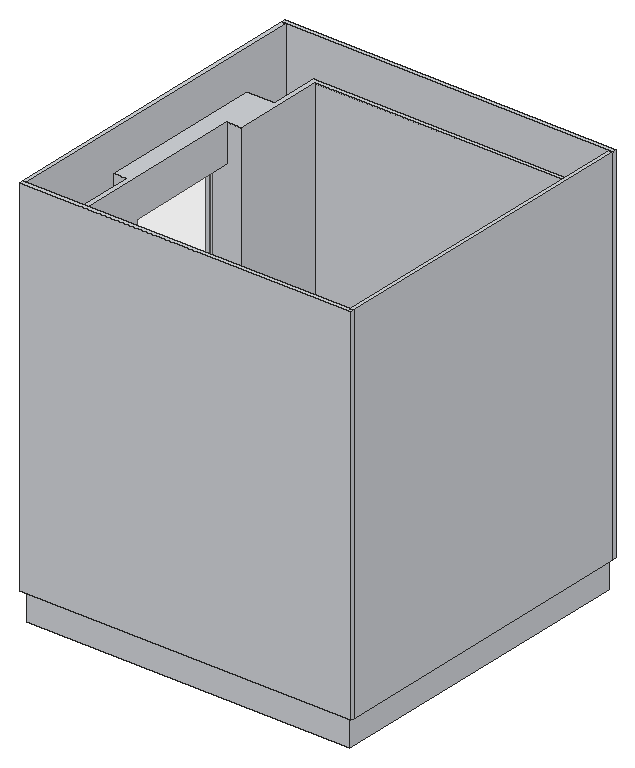
Revit family "Fira Modules 2.0", category Generic Models, Revit 2015
Parameters
  Tekn. oven  materiaali [instance] = none
  Pystyhormi [instance] = no
  Oven materiaali [instance] = Glass
  Ovenkahvan materiaali [instance] = none
  Ontelolaatan rei'itys muut kerrokset [instance] = no
  Ontelolaatan rei'itys 1.krs [instance] = no
  Näytä tekstit pohjassa [instance] = yes
  Moduulirungon väri [instance] = none
  Model = ""
  Kipsin materiaali 3D [instance] = none
  Kipsilevyn korkeus [instance] = 2600 mm
  Kipsilevy takaseinä [instance] = yes
  Kipsilevy oviseinä [instance] = yes
  Kipsilevy allasseinä [instance] = yes
  Kipsilevy PPK-seinä [instance] = yes
  Kipsilevyn pituus [instance] = if(Kipsilevy takaseinä, 26 mm, 1 mm)  # 26 mm
  Keskitetty ilmanvaihto [instance] = no
  Huoneistokohtainen ilmanvaihto [instance] = no
  Description = ""
Reference planes
  plane 1 "Center (Front/Back)": y = 0
  plane 2: z = 0
  plane 3 "Center (Left/Right)": x = 0
  plane 4: x = 2300
  plane 5: x = 2326
Forms (mm)
  Extrusion 1, solid, material <- "Moduulirungon väri"
    sketch origin (0, 0, 0) x (1, 0, 0) y (0, 1, 0)
      loop
        line (2258, 2268) -> (237, 2268) -> (237, 1616) -> (132, 1616) -> (132, 372) -> (392, 372) -> (392, 32) -> (2258, 32) -> (2258, 2268)
      loop
        line (360, 340) -> (360, 0) -> (2300, 0) -> (2300, 2300) -> (205, 2300) -> (205, 1950) -> (0, 1950) -> (0, 768) -> (100, 768) -> (100, 340) -> (360, 340)
    from 0 to 2320
  Extrusion 2, solid
    sketch origin (0, 0, 0) x (1, 0, 0) y (0, 1, 0)
      loop
        line (0, 0) -> (2300, 0) -> (2300, 2300) -> (0, 2300) -> (0, 0)
    from -200 to 0
  Extrusion 3, solid, material <- "Kipsin materiaali 3D", visible <- "Kipsilevy allasseinä"
    sketch origin (0, 0, 0) x (1, 0, 0) y (0, 1, 0)
      loop
        line (2326, 2300) -> (2326, 2326) -> (-26, 2326) -> (-26, 2300) -> (2326, 2300)
    from 0 to 2600
  Extrusion 4, void
    sketch origin (0, 0, 0) x (1, 0, 0) y (0, 1, 0)
      loop
        line (132, 1616) -> (29, 1616) -> (29, 1628) -> (0, 1628) -> (0, 798) -> (29, 798) -> (29, 810) -> (132, 810) -> (132, 1616)
    from 0 to 2051
  Extrusion 5, solid, material <- "Kipsin materiaali 3D", visible <- "Kipsilevy takaseinä"
    sketch origin (0, 0, 0) x (1, 0, 0) y (0, 1, 0)
      loop
        line (2300, 0) -> (2326, 0) -> (2326, 2300) -> (2300, 2300) -> (2300, 0)
    from 0 to 2600
  Extrusion 6, solid, material <- "Kipsin materiaali 3D", visible <- "Kipsilevy PPK-seinä"
    sketch origin (0, 0, 0) x (1, 0, 0) y (0, 1, 0)
      loop
        line (-26, 0) -> (-26, -26) -> (2326, -26) -> (2326, 0) -> (-26, 0)
    from 0 to 2600
  Extrusion 7, solid, material <- "Kipsin materiaali 3D", visible <- "Kipsilevy oviseinä"
    sketch origin (0, 0, 0) x (1, 0, 0) y (0, 1, 0)
      loop
        line (0, 2300) -> (-26, 2300) -> (-26, 0) -> (0, 0) -> (0, 2300)
    from 0 to 2600
  Extrusion 8, void
    sketch origin (0, 0, 0) x (1, 0, 0) y (0, 1, 0)
      loop
        line (0, 1628) -> (-26, 1628) -> (-26, 798) -> (0, 798) -> (0, 1628)
    from 0 to 2065
  Extrusion 9, solid
    sketch origin (0, 798, 0) x (1, 0, 0) y (0, 0, -1)
      loop
        line (131, -23) -> (131, 0) -> (0, 0) -> (0, -13) -> (31, -13) -> (31, -23) -> (131, -23)
    from 0 to 830
  Extrusion 10, solid, material "Glass" <- "Oven materiaali"
    sketch origin (-1.094, 0, 0) x (1, 0, 0) y (0, 1, 0)
      loop
        line (20, 1628) -> (20, 798) -> (29, 798) -> (29, 1628) -> (20, 1628)
    from 17 to 2051
  Extrusion 11, void
    sketch origin (0, 0, 0) x (1, 0, 0) y (0, 1, 0)
      loop
        line (0, 768) -> (-26, 768) -> (-26, 248) -> (0, 248) -> (0, 768)
    from 0 to 2065
  Extrusion 12, solid, material <- "Tekn. oven  materiaali"
    sketch origin (0, 0, 0) x (1, 0, 0) y (0, 1, 0)
      loop
        line (-26, 768) -> (-26, 248) -> (0, 248) -> (0, 768) -> (-26, 768)
    from 0 to 2065
  Extrusion 13, solid, material <- "Ovenkahvan materiaali", detail levels medium+fine
    sketch origin (0, 0, 0) x (1, 0, 0) y (0, 1, 0)
      loop
        line (18.406, 901) -> (18.406, 798) -> (28.406, 798) -> (28.406, 901) -> (18.406, 901)
    from 960 to 1030
  Extrusion 14, solid, material <- "Ovenkahvan materiaali", detail levels medium+fine
    sketch origin (18.406, 1661.792, -23.167) x (0, 1, 0) y (0, 0, -1)
      loop
        circle (-833.915, -1017.549) r 7.5
    from 0 to 35
  Extrusion 15, solid, material <- "Ovenkahvan materiaali", detail levels medium+fine
    sketch origin (-26, 0, 0) x (0, 1, 0) y (0, 0, -1)
      loop
        arc (827.877, -986.882) -> (820.377, -994.382) -> (827.877, -1001.882) r 7.5
        line (827.877, -1001.882) -> (967.877, -1001.882) -> (967.877, -986.882) -> (827.877, -986.882)
    from -9.406 to 1.719
  Extrusion 16, solid, material <- "Ovenkahvan materiaali", detail levels medium+fine
    sketch origin (-26, 0, 0) x (0, 1, 0) y (0, 0, -1)
      loop
        arc (827.877, -986.882) -> (820.377, -994.382) -> (827.877, -1001.882) r 7.5
        line (827.877, -1001.882) -> (967.877, -1001.882) -> (967.877, -986.882) -> (827.877, -986.882)
    from -105.577 to -94.406
  Extrusion 17, solid, material <- "Ovenkahvan materiaali", detail levels medium+fine
    sketch origin (0, 0, 0) x (1, 0, 0) y (0, 1, 0)
      loop
        line (18.406, 901) -> (18.406, 798) -> (28.406, 798) -> (28.406, 901) -> (18.406, 901)
    from 960 to 1030
  Extrusion 18, solid, material <- "Ovenkahvan materiaali", detail levels medium+fine
    sketch origin (18.406, 1661.792, -23.167) x (0, 1, 0) y (0, 0, -1)
      loop
        circle (-833.915, -1017.549) r 7.5
    from 0 to 35
  Extrusion 19, solid, material <- "Ovenkahvan materiaali", detail levels medium+fine
    sketch origin (-26, 0, 0) x (0, 1, 0) y (0, 0, -1)
      loop
        arc (827.877, -986.882) -> (820.377, -994.382) -> (827.877, -1001.882) r 7.5
        line (827.877, -1001.882) -> (967.877, -1001.882) -> (967.877, -986.882) -> (827.877, -986.882)
    from -9.406 to 1.719
  Extrusion 20, solid, material <- "Ovenkahvan materiaali", detail levels medium+fine
    sketch origin (-26, 0, 0) x (0, 1, 0) y (0, 0, -1)
      loop
        arc (827.877, -986.882) -> (820.377, -994.382) -> (827.877, -1001.882) r 7.5
        line (827.877, -1001.882) -> (967.877, -1001.882) -> (967.877, -986.882) -> (827.877, -986.882)
    from -105.577 to -94.406
  Extrusion 21, solid, material <- "Ovenkahvan materiaali", detail levels medium+fine
    sketch origin (18.406, 1661.792, -23.167) x (0, 1, 0) y (0, 0, -1)
      loop
        circle (-833.915, -1017.549) r 7.5
    from -50 to -10
  Extrusion 22, solid, material <- "Ovenkahvan materiaali", detail levels medium+fine
    sketch origin (18.406, 1661.792, -23.167) x (0, 1, 0) y (0, 0, -1)
      loop
        circle (-833.915, -1017.549) r 7.5
    from -50 to -10
Cuts and joins
  Extrusion 4 cuts Extrusion 1
  Extrusion 8, Extrusion 11 cuts Extrusion 7
Lines and regions (mm)
  model lines
    curve 1: line (2248, 2268, -13.243) -> (2248, 2268, 2266)
    curve 2: line (237, 2268, 2266) -> (2248, 2268, 2266)
    curve 3: line (2248, 2268, 2161) -> (1063, 2268, 2161)
    curve 4: line (1063, 2268, 2161) -> (650.5, 2268, 2161)
    curve 5: line (645.5, 2268, 2161) -> (237, 2268, 2161)
    curve 6: line (1058, 2268, 2161) -> (1058, 2268, 1181)
    curve 7: line (645.5, 2268, 1181) -> (645.5, 2268, 2161)
    curve 8: line (650.5, 2268, 2161) -> (650.5, 2268, 1181)
    curve 9: line (1058, 2268, 1181) -> (2248, 2268, 1181)
    curve 10: line (650.5, 2268, 1181) -> (1058, 2268, 1181)
    curve 11: line (1058, 2268, 1176.014) -> (237, 2268, 1176.014)
    curve 12: line (237, 2268, 1181) -> (645.5, 2268, 1181)
    curve 13: line (759.5, 2268, 1126.014) -> (536.5, 2268, 1126.014)
    curve 14: line (536.5, 2268, 1126.014) -> (536.5, 2268, 986.014)
    curve 15: line (536.5, 2268, 986.014) -> (759.5, 2268, 986.014)
    curve 16: line (759.5, 2268, 986.014) -> (759.5, 2268, 1126.014)
    curve 17: line (1058, 2268, 881) -> (1058, 2268, 1176.014)
    curve 18: line (2245, 2268, 881) -> (1058, 2268, 881)
    curve 19: line (1058, 2268, 869) -> (2245, 2268, 869)
    curve 20: line (1058, 2268, 160.247) -> (1058, 2268, 869)
    curve 21: line (1059, 2268, 869) -> (1059, 2268, 669)
    curve 22: line (1059, 2268, 669) -> (2245, 2268, 669)
    curve 23: line (1060, 2268, 664) -> (1085.647, 2268, 664)
    curve 24: line (1060, 2268, 161.527) -> (1060, 2268, 664)
    curve 25: line (1085.647, 2268, 669) -> (1085.647, 2268, 220.064)
    curve 26: line (1097.647, 2268, 219.669) -> (1097.647, 2268, 669)
    curve 27: line (1097.647, 2268, 664) -> (1651, 2268, 664)
    curve 28: line (1018.223, 2268, 600.175) -> (1018.223, 2268, 828.775)
    curve 29: line (1018.223, 2268, 828.775) -> (987.743, 2268, 828.775)
    curve 30: line (987.743, 2268, 828.775) -> (987.743, 2268, 600.175)
    curve 31: line (1652, 2268, 669) -> (1652, 2268, 869)
    curve 32: line (1651, 2268, 664) -> (1651, 2268, 17)
    curve 33: line (1653, 2268, 17) -> (1653, 2268, 664)
    curve 34: line (1653, 2268, 664) -> (2244, 2268, 664)
    curve 35: line (1651, 2268, 17) -> (1060, 2268, 17)
    curve 36: line (2244, 2268, 17) -> (1653, 2268, 17)
    curve 37: line (1060, 2268, 17) -> (1060, 2268, 149.282)
    curve 38: line (1058, 2268, 17.014) -> (1058, 2268, 148.875)
    curve 39: line (825.098, 2268, 478.074) -> (459.903, 2268, 478.074)
    curve 40: line (459.903, 2268, 478.074) -> (459.157, 2268, 456.074)
    curve 41: line (459.157, 2268, 456.074) -> (825.845, 2268, 456.074)
    curve 42: line (825.845, 2268, 456.074) -> (825.098, 2268, 478.074)
    curve 43: line (468.269, 2268, 456.074) -> (480.465, 2268, 361.299)
    curve 44: line (480.465, 2268, 361.299) -> (491.808, 2268, 318.799)
    curve 45: line (491.808, 2268, 318.799) -> (502.356, 2268, 284.799)
    curve 46: line (502.356, 2268, 284.799) -> (512.166, 2268, 259.299)
    curve 47: line (512.166, 2268, 259.299) -> (521.29, 2268, 238.049)
    curve 48: line (521.29, 2268, 238.049) -> (529.774, 2268, 221.049)
    curve 49: line (529.774, 2268, 221.049) -> (537.665, 2268, 204.049)
    curve 50: line (537.665, 2268, 204.049) -> (545.004, 2268, 191.299)
    curve 51: line (545.004, 2268, 191.299) -> (551.828, 2268, 178.549)
    curve 52: line (551.828, 2268, 178.549) -> (558.176, 2268, 165.799)
    curve 53: line (558.176, 2268, 165.799) -> (564.078, 2268, 157.299)
    curve 54: line (564.078, 2268, 157.299) -> (720.923, 2268, 157.299)
    curve 55: line (720.923, 2268, 157.299) -> (726.826, 2268, 165.799)
    curve 56: line (726.826, 2268, 165.799) -> (733.173, 2268, 178.549)
    curve 57: line (733.173, 2268, 178.549) -> (739.998, 2268, 191.299)
    curve 58: line (739.998, 2268, 191.299) -> (747.336, 2268, 204.049)
    curve 59: line (747.336, 2268, 204.049) -> (755.227, 2268, 221.049)
    curve 60: line (755.227, 2268, 221.049) -> (763.712, 2268, 238.049)
    curve 61: line (763.712, 2268, 238.049) -> (772.835, 2268, 259.299)
    curve 62: line (772.835, 2268, 259.299) -> (782.645, 2268, 284.799)
    curve 63: line (782.645, 2268, 284.799) -> (793.194, 2268, 318.799)
    curve 64: line (793.194, 2268, 318.799) -> (804.536, 2268, 361.299)
    curve 65: line (804.536, 2268, 361.299) -> (816.733, 2268, 456.074)
    curve 66: line (1529.091, 2268, 1524.106) -> (1811.934, 2268, 1806.949)
    curve 67: line (1678.546, 2268, 1534.935) -> (1819.967, 2268, 1676.356)
    curve 68: line (1085.647, 2268, 669) -> (1085.647, 2268, 220.064)
    curve 69: line (1085.647, 2268, 220.064) -> (1084.206, 2268, 203.157)
    curve 70: line (1084.206, 2268, 203.157) -> (1080.062, 2268, 187.699)
    curve 71: line (1080.062, 2268, 187.699) -> (1073.588, 2268, 174.661)
    curve 72: line (1073.588, 2268, 174.661) -> (1065.453, 2268, 165.016)
    curve 73: line (1065.453, 2268, 165.016) -> (1060, 2268, 161.527)
    curve 74: line (1060, 2268, 161.527) -> (1056.566, 2268, 159.329)
    curve 75: line (1056.566, 2268, 159.329) -> (1047.935, 2268, 157.576)
    curve 76: line (1047.935, 2268, 157.576) -> (1039.062, 2268, 159.381)
    curve 77: line (1039.062, 2268, 159.381) -> (1030.194, 2268, 165.057)
    curve 78: line (1030.194, 2268, 165.057) -> (1022.069, 2268, 174.69)
    curve 79: line (1022.069, 2268, 174.69) -> (1015.6, 2268, 187.717)
    curve 80: line (1015.6, 2268, 187.717) -> (1011.458, 2268, 203.166)
    curve 81: line (1011.458, 2268, 203.166) -> (1010.018, 2268, 220.066)
    curve 82: line (1010.018, 2268, 220.066) -> (1010.018, 2268, 600.175)
    curve 83: line (1061.786, 2268, 149.645) -> (1074.036, 2268, 157.486)
    curve 84: line (1074.036, 2268, 157.486) -> (1084.046, 2268, 169.353)
    curve 85: line (1084.046, 2268, 169.353) -> (1091.494, 2268, 184.351)
    curve 86: line (1091.494, 2268, 184.351) -> (1096.102, 2268, 201.541)
    curve 87: line (1096.102, 2268, 201.541) -> (1097.647, 2268, 219.669)
    curve 88: line (1097.647, 2268, 219.669) -> (1097.647, 2268, 669)
    curve 89: line (988.262, 2268, 600.175) -> (989.785, 2268, 600.175)
    curve 90: line (989.785, 2268, 600.175) -> (992.206, 2268, 600.175)
    curve 91: line (992.206, 2268, 600.175) -> (995.363, 2268, 600.175)
    curve 92: line (995.363, 2268, 600.175) -> (998.058, 2268, 600.175)
    curve 93: line (998.058, 2268, 600.175) -> (998.058, 2268, 219.667)
    curve 94: line (998.058, 2268, 219.667) -> (999.604, 2268, 201.532)
    curve 95: line (999.604, 2268, 201.532) -> (1004.214, 2268, 184.333)
    curve 96: line (1004.214, 2268, 184.333) -> (1011.667, 2268, 169.324)
    curve 97: line (1011.667, 2268, 169.324) -> (1021.687, 2268, 157.445)
    curve 98: line (1021.687, 2268, 157.445) -> (1033.948, 2268, 149.598)
    curve 99: line (1033.948, 2268, 149.598) -> (1047.75, 2268, 146.79)
    curve 100: line (1047.75, 2268, 146.79) -> (1061.786, 2268, 149.645)
    curve 101: line (1060, 2268, 149.282) -> (1060, 2268, 17.014)
    curve 102: line (1060, 2268, 17.014) -> (237, 2268, 17.014)
    curve 103: arc (1369.127, 2268, 973.129) -> (1360.182, 2268, 1003.209) -> (1350.873, 2268, 973.239) r 16.4
    curve 104: line (1350.873, 2268, 964.277) -> (1350.873, 2268, 973.239)
    curve 105: line (1360, 2268, 964.073) -> (1354.939, 2268, 964.175)
    curve 106: line (1354.939, 2268, 964.175) -> (1350.873, 2268, 964.277)
    curve 107: line (1369.127, 2268, 964.257) -> (1360, 2268, 964.073)
    curve 108: line (1369.127, 2268, 973.129) -> (1369.127, 2268, 964.257)
    curve 109: line (1343.519, 2268, 881) -> (1343.519, 2268, 1038.021)
    curve 110: line (1376.457, 2268, 1038.018) -> (1376.457, 2268, 881)
    curve 111: line (1354.78, 2268, 1039.578) -> (1359.095, 2268, 1039.705)
    curve 112: line (1343.519, 2268, 1038.021) -> (1346.01, 2268, 1038.632)
    curve 113: line (1346.01, 2268, 1038.632) -> (1349.094, 2268, 1039.227)
    curve 114: line (1373.526, 2268, 1038.736) -> (1376.457, 2268, 1038.018)
    curve 115: line (1370.026, 2268, 1039.279) -> (1373.526, 2268, 1038.736)
    curve 116: line (1364.37, 2268, 1039.628) -> (1370.026, 2268, 1039.279)
    curve 117: line (1359.095, 2268, 1039.705) -> (1364.37, 2268, 1039.628)
    curve 118: line (1349.094, 2268, 1039.227) -> (1354.78, 2268, 1039.578)
    curve 119: line (1010.018, 2268, 600.175) -> (1018.223, 2268, 600.175)
    curve 120: line (2245, 2268, 669) -> (2245, 2268, 869)
    curve 121: line (2245, 2268, 869) -> (2245, 2268, 881)
    curve 122: line (2244, 2268, 664) -> (2244, 2268, 17)
    curve 123: line (237, 2268, 2266) -> (2248, 2268, 2266)
    curve 124: line (2248, 2268, 2161) -> (1063, 2268, 2161)
    curve 125: line (1063, 2268, 2161) -> (650.5, 2268, 2161)
    curve 126: line (645.5, 2268, 2161) -> (237, 2268, 2161)
    curve 127: line (1058, 2268, 2161) -> (1058, 2268, 1181)
    curve 128: line (645.5, 2268, 1181) -> (645.5, 2268, 2161)
    curve 129: line (650.5, 2268, 2161) -> (650.5, 2268, 1181)
    curve 130: line (1058, 2268, 1181) -> (2248, 2268, 1181)
    curve 131: line (650.5, 2268, 1181) -> (1058, 2268, 1181)
    curve 132: line (1058, 2268, 1176.014) -> (237, 2268, 1176.014)
    curve 133: line (237, 2268, 1181) -> (645.5, 2268, 1181)
    curve 134: line (759.5, 2268, 1126.014) -> (536.5, 2268, 1126.014)
    curve 135: line (536.5, 2268, 1126.014) -> (536.5, 2268, 986.014)
    curve 136: line (536.5, 2268, 986.014) -> (759.5, 2268, 986.014)
    curve 137: line (759.5, 2268, 986.014) -> (759.5, 2268, 1126.014)
    curve 138: line (1058, 2268, 881) -> (1058, 2268, 1176.014)
    curve 139: line (2245, 2268, 881) -> (1058, 2268, 881)
    curve 140: line (1058, 2268, 869) -> (2245, 2268, 869)
    curve 141: line (1058, 2268, 160.247) -> (1058, 2268, 869)
    curve 142: line (1059, 2268, 869) -> (1059, 2268, 669)
    curve 143: line (1059, 2268, 669) -> (2245, 2268, 669)
    curve 144: line (1060, 2268, 664) -> (1085.647, 2268, 664)
    curve 145: line (1060, 2268, 161.527) -> (1060, 2268, 664)
    curve 146: line (1085.647, 2268, 669) -> (1085.647, 2268, 220.064)
    curve 147: line (1097.647, 2268, 219.669) -> (1097.647, 2268, 669)
    curve 148: line (1097.647, 2268, 664) -> (1651, 2268, 664)
    curve 149: line (1018.223, 2268, 600.175) -> (1018.223, 2268, 828.775)
    curve 150: line (1018.223, 2268, 828.775) -> (987.743, 2268, 828.775)
    curve 151: line (987.743, 2268, 828.775) -> (987.743, 2268, 600.175)
    curve 152: line (1652, 2268, 669) -> (1652, 2268, 869)
    curve 153: line (1651, 2268, 664) -> (1651, 2268, 17)
    curve 154: line (1653, 2268, 17) -> (1653, 2268, 664)
    curve 155: line (1653, 2268, 664) -> (2244, 2268, 664)
    curve 156: line (1651, 2268, 17) -> (1060, 2268, 17)
    curve 157: line (2244, 2268, 17) -> (1653, 2268, 17)
    curve 158: line (1060, 2268, 17) -> (1060, 2268, 149.282)
    curve 159: line (1058, 2268, 17.014) -> (1058, 2268, 148.875)
    curve 160: line (825.098, 2268, 478.074) -> (459.903, 2268, 478.074)
    curve 161: line (459.903, 2268, 478.074) -> (459.157, 2268, 456.074)
    curve 162: line (459.157, 2268, 456.074) -> (825.845, 2268, 456.074)
    curve 163: line (825.845, 2268, 456.074) -> (825.098, 2268, 478.074)
    curve 164: line (468.269, 2268, 456.074) -> (480.465, 2268, 361.299)
    curve 165: line (480.465, 2268, 361.299) -> (491.808, 2268, 318.799)
    curve 166: line (491.808, 2268, 318.799) -> (502.356, 2268, 284.799)
    curve 167: line (502.356, 2268, 284.799) -> (512.166, 2268, 259.299)
    curve 168: line (512.166, 2268, 259.299) -> (521.29, 2268, 238.049)
    curve 169: line (521.29, 2268, 238.049) -> (529.774, 2268, 221.049)
    curve 170: line (529.774, 2268, 221.049) -> (537.665, 2268, 204.049)
    curve 171: line (537.665, 2268, 204.049) -> (545.004, 2268, 191.299)
    curve 172: line (545.004, 2268, 191.299) -> (551.828, 2268, 178.549)
    curve 173: line (551.828, 2268, 178.549) -> (558.176, 2268, 165.799)
    curve 174: line (558.176, 2268, 165.799) -> (564.078, 2268, 157.299)
    curve 175: line (564.078, 2268, 157.299) -> (720.923, 2268, 157.299)
    curve 176: line (720.923, 2268, 157.299) -> (726.826, 2268, 165.799)
    curve 177: line (726.826, 2268, 165.799) -> (733.173, 2268, 178.549)
    curve 178: line (733.173, 2268, 178.549) -> (739.998, 2268, 191.299)
    curve 179: line (739.998, 2268, 191.299) -> (747.336, 2268, 204.049)
    curve 180: line (747.336, 2268, 204.049) -> (755.227, 2268, 221.049)
    curve 181: line (755.227, 2268, 221.049) -> (763.712, 2268, 238.049)
    curve 182: line (763.712, 2268, 238.049) -> (772.835, 2268, 259.299)
    curve 183: line (772.835, 2268, 259.299) -> (782.645, 2268, 284.799)
    curve 184: line (782.645, 2268, 284.799) -> (793.194, 2268, 318.799)
    curve 185: line (793.194, 2268, 318.799) -> (804.536, 2268, 361.299)
    curve 186: line (804.536, 2268, 361.299) -> (816.733, 2268, 456.074)
    curve 187: line (1529.091, 2268, 1524.106) -> (1811.934, 2268, 1806.949)
    curve 188: line (1678.546, 2268, 1534.935) -> (1819.967, 2268, 1676.356)
    curve 189: line (1085.647, 2268, 669) -> (1085.647, 2268, 220.064)
    curve 190: line (1085.647, 2268, 220.064) -> (1084.206, 2268, 203.157)
    curve 191: line (1084.206, 2268, 203.157) -> (1080.062, 2268, 187.699)
    curve 192: line (1080.062, 2268, 187.699) -> (1073.588, 2268, 174.661)
    curve 193: line (1073.588, 2268, 174.661) -> (1065.453, 2268, 165.016)
    curve 194: line (1065.453, 2268, 165.016) -> (1060, 2268, 161.527)
    curve 195: line (1060, 2268, 161.527) -> (1056.566, 2268, 159.329)
    curve 196: line (1056.566, 2268, 159.329) -> (1047.935, 2268, 157.576)
    curve 197: line (1047.935, 2268, 157.576) -> (1039.062, 2268, 159.381)
    curve 198: line (1039.062, 2268, 159.381) -> (1030.194, 2268, 165.057)
    curve 199: line (1030.194, 2268, 165.057) -> (1022.069, 2268, 174.69)
    curve 200: line (1022.069, 2268, 174.69) -> (1015.6, 2268, 187.717)
    curve 201: line (1015.6, 2268, 187.717) -> (1011.458, 2268, 203.166)
    curve 202: line (1011.458, 2268, 203.166) -> (1010.018, 2268, 220.066)
    curve 203: line (1010.018, 2268, 220.066) -> (1010.018, 2268, 600.175)
    curve 204: line (1061.786, 2268, 149.645) -> (1074.036, 2268, 157.486)
    curve 205: line (1074.036, 2268, 157.486) -> (1084.046, 2268, 169.353)
    curve 206: line (1084.046, 2268, 169.353) -> (1091.494, 2268, 184.351)
    curve 207: line (1091.494, 2268, 184.351) -> (1096.102, 2268, 201.541)
    curve 208: line (1096.102, 2268, 201.541) -> (1097.647, 2268, 219.669)
    curve 209: line (1097.647, 2268, 219.669) -> (1097.647, 2268, 669)
    curve 210: line (988.262, 2268, 600.175) -> (989.785, 2268, 600.175)
    curve 211: line (989.785, 2268, 600.175) -> (992.206, 2268, 600.175)
    curve 212: line (992.206, 2268, 600.175) -> (995.363, 2268, 600.175)
    curve 213: line (995.363, 2268, 600.175) -> (998.058, 2268, 600.175)
    curve 214: line (998.058, 2268, 600.175) -> (998.058, 2268, 219.667)
    curve 215: line (998.058, 2268, 219.667) -> (999.604, 2268, 201.532)
    curve 216: line (999.604, 2268, 201.532) -> (1004.214, 2268, 184.333)
    curve 217: line (1004.214, 2268, 184.333) -> (1011.667, 2268, 169.324)
    curve 218: line (1011.667, 2268, 169.324) -> (1021.687, 2268, 157.445)
    curve 219: line (1021.687, 2268, 157.445) -> (1033.948, 2268, 149.598)
    curve 220: line (1033.948, 2268, 149.598) -> (1047.75, 2268, 146.79)
    curve 221: line (1047.75, 2268, 146.79) -> (1061.786, 2268, 149.645)
    curve 222: line (1060, 2268, 149.282) -> (1060, 2268, 17.014)
    curve 223: line (1060, 2268, 17.014) -> (237, 2268, 17.014)
    curve 224: arc (1369.127, 2268, 973.129) -> (1360.182, 2268, 1003.209) -> (1350.873, 2268, 973.239) r 16.4
    curve 225: line (1350.873, 2268, 964.277) -> (1350.873, 2268, 973.239)
    curve 226: line (1360, 2268, 964.073) -> (1354.939, 2268, 964.175)
    curve 227: line (1354.939, 2268, 964.175) -> (1350.873, 2268, 964.277)
    curve 228: line (1369.127, 2268, 964.257) -> (1360, 2268, 964.073)
    curve 229: line (1369.127, 2268, 973.129) -> (1369.127, 2268, 964.257)
    curve 230: line (1343.519, 2268, 881) -> (1343.519, 2268, 1038.021)
    curve 231: line (1376.457, 2268, 1038.018) -> (1376.457, 2268, 881)
    curve 232: line (1354.78, 2268, 1039.578) -> (1359.095, 2268, 1039.705)
    curve 233: line (1343.519, 2268, 1038.021) -> (1346.01, 2268, 1038.632)
    curve 234: line (1346.01, 2268, 1038.632) -> (1349.094, 2268, 1039.227)
    curve 235: line (1373.526, 2268, 1038.736) -> (1376.457, 2268, 1038.018)
    curve 236: line (1370.026, 2268, 1039.279) -> (1373.526, 2268, 1038.736)
    curve 237: line (1364.37, 2268, 1039.628) -> (1370.026, 2268, 1039.279)
    curve 238: line (1359.095, 2268, 1039.705) -> (1364.37, 2268, 1039.628)
    curve 239: line (1349.094, 2268, 1039.227) -> (1354.78, 2268, 1039.578)
    curve 240: line (1010.018, 2268, 600.175) -> (1018.223, 2268, 600.175)
    curve 241: line (2245, 2268, 669) -> (2245, 2268, 869)
    curve 242: line (2245, 2268, 869) -> (2245, 2268, 881)
    curve 243: line (2244, 2268, 664) -> (2244, 2268, 17)
    curve 244: line (237, 2268, 2265) -> (237, 2268, 881)
    curve 245: line (237, 1918, 2266) -> (237, 1918, 881)
    curve 246: line (237, 2268, 2161) -> (237, 2097, 2161)
    curve 247: line (237, 2097, 2161) -> (237, 2097, 1181)
    curve 248: line (237, 2092, 1181) -> (237, 2092, 2161)
    curve 249: line (237, 2268, 1181) -> (237, 2097, 1181)
    curve 250: line (237, 2169.6, 1035.209) -> (237, 2202.234, 1039.679)
    curve 251: line (237, 2202.234, 1039.679) -> (237, 2223.97, 881)
    curve 252: line (237, 2116.398, 1033.302) -> (237, 2170.316, 1029.981)
    curve 253: line (237, 2171.327, 1022.601) -> (237, 2115.802, 1026.117)
    curve 254: line (237, 2174.151, 1001.988) -> (237, 2171.327, 1022.601)
    curve 255: line (237, 2089.478, 1003.073) -> (237, 2174.151, 1001.988)
    curve 256: line (237, 2089.104, 970.113) -> (237, 2089.478, 1003.073)
    curve 257: line (237, 2095.517, 970.041) -> (237, 2089.104, 970.113)
    curve 258: line (237, 2113.617, 964.123) -> (237, 2095.329, 964.746)
    curve 259: line (237, 2178.674, 968.967) -> (237, 2113.787, 969.797)
    curve 260: line (237, 2190.724, 881) -> (237, 2178.674, 968.967)
    curve 261: line (237, 2113.767, 969.115) -> (237, 2113.617, 964.123)
    curve 262: line (237, 2095.329, 964.746) -> (237, 2095.517, 970.041)
    curve 263: line (237, 2159, 876) -> (237, 2159, 749.024)
    curve 264: arc (237, 2159, 749.024) -> (237, 2157.547, 745.476) -> (237, 2154.008, 744) r 5
    curve 265: line (237, 2154.008, 744) -> (237, 1891.992, 744)
    curve 266: arc (237, 1891.992, 744) -> (237, 1888.462, 745.467) -> (237, 1887, 749) r 5
    curve 267: line (237, 1887, 749) -> (237, 1887, 875.989)
    curve 268: arc (237, 1887, 875.989) -> (237, 1885.533, 879.538) -> (237, 1881.983, 881) r 5
    curve 269: line (237, 1881.983, 881) -> (237, 2154, 881)
    curve 270: line (237, 2154, 881) -> (237, 2164.017, 881)
    curve 271: arc (237, 2164.017, 881) -> (237, 2160.47, 879.542) -> (237, 2159, 876) r 5
    curve 272: line (237, 2108, 14.217) -> (237, 2108, 664)
    curve 273: line (237, 2108, 664) -> (237, 2108, 669)
    curve 274: line (237, 2108, 669) -> (237, 1846, 669)
    curve 275: line (237, 1846, 669) -> (237, 1846, 869)
    curve 276: line (237, 1846, 869) -> (237, 1877, 869)
    curve 277: line (237, 1877, 869) -> (237, 1877, 749)
    curve 278: arc (237, 1877, 749) -> (237, 1881.401, 738.386) -> (237, 1892.022, 734) r 15
    curve 279: line (237, 1892.022, 734) -> (237, 2153.978, 734)
    curve 280: arc (237, 2153.978, 734) -> (237, 2164.599, 738.386) -> (237, 2169, 749) r 15
    curve 281: line (237, 2169, 749) -> (237, 2169, 869)
    curve 282: line (237, 2169, 869) -> (237, 2268, 869)
    curve 283: line (237, 2108, 669) -> (237, 1846, 669)
    curve 284: line (237, 2093.884, 14.04) -> (237, 2093.884, 669)
    curve 285: line (237, 2108, 14.217) -> (237, 2108, 664)
    curve 286: line (237, 1830.597, 131.174) -> (237, 2093.962, 131.174)
    curve 287: line (237, 2093.962, 131.174) -> (237, 2093.962, 451.949)
    curve 288: line (237, 2093.962, 451.949) -> (237, 1613.986, 451.949)
    curve 289: line (237, 1613.986, 451.949) -> (237, 1612.966, 429.949)
    curve 290: line (237, 1612.966, 429.949) -> (237, 1640.67, 335.174)
    curve 291: line (237, 1640.67, 335.174) -> (237, 1666.434, 292.674)
    curve 292: line (237, 1666.434, 292.674) -> (237, 1690.395, 258.674)
    curve 293: line (237, 1690.395, 258.674) -> (237, 1712.679, 233.174)
    curve 294: line (237, 1712.679, 233.174) -> (237, 1733.402, 211.924)
    curve 295: line (237, 1733.402, 211.924) -> (237, 1752.675, 194.924)
    curve 296: line (237, 1752.675, 194.924) -> (237, 1770.599, 177.924)
    curve 297: line (237, 1770.599, 177.924) -> (237, 1787.269, 165.174)
    curve 298: line (237, 1787.269, 165.174) -> (237, 1802.771, 152.424)
    curve 299: line (237, 1802.771, 152.424) -> (237, 1817.188, 139.674)
    curve 300: line (237, 1817.188, 139.674) -> (237, 1830.597, 131.174)
    curve 301: line (237, 2093.962, 429.949) -> (237, 1612.966, 429.949)
    curve 302: arc (237, 1729.021, 1044.764) -> (237, 1716.525, 1117.427) -> (237, 1701.999, 1045.142) r 37.5
    curve 303: line (237, 1701.999, 1045.142) -> (237, 1701.999, 1042.719)
    curve 304: arc (237, 1701.999, 1042.719) -> (237, 1716.525, 970.435) -> (237, 1729.021, 1043.098) r 37.5
    curve 305: line (237, 1729.021, 1043.098) -> (237, 1729.021, 1044.764)
    curve 306: circle (237, 1716, 1079.931) r 34 normal (1, 0, 0)
    curve 307: circle (237, 1716, 1007.931) r 34 normal (1, 0, 0)
    curve 308: line (237, 1916.895, 131.174) -> (237, 1916.895, 11.814)
    curve 309: line (237, 1918, 660.652) -> (237, 1918, 451.949)
    curve 310: line (237, 1616, 660.652) -> (237, 1918, 660.652)
    curve 311: line (237, 2268, 881) -> (237, 2164.017, 881)
    curve 312: line (237, 1881.983, 881) -> (237, 1827, 881)
    curve 313: line (237, 2170.316, 1029.981) -> (237, 2169.6, 1035.209)
    curve 314: line (237, 1832, 869) -> (237, 1832, 669)
    curve 315: line (237, 1832, 669) -> (237, 1846, 669)
    curve 316: line (237, 1827, 869) -> (237, 1832, 869)
    curve 317: line (237, 1827, 881) -> (237, 1827, 869)
    curve 318: arc (237, 2115.699, 1030.557) -> (237, 2115.565, 1028.333) -> (237, 2115.802, 1026.117) r 13.391
    curve 319: line (237, 2116.398, 1033.302) -> (237, 2115.988, 1032.56)
    curve 320: line (237, 2115.988, 1032.56) -> (237, 2115.699, 1030.557)
    curve 321: line (237, 815.124, -20.62) -> (237, 812, -15.62)
    curve 322: line (237, 1013.992, -15.62) -> (237, 1010.876, -20.62)
    curve 323: line (237, 1616, 2266) -> (237, 2268, 2266)
    curve 324: line (237, 2268, 16.002) -> (237, 1616, 7.887)
    curve 325: line (132, 788, 2266) -> (132, 788, 10.885)
    curve 326: line (132, 801.12, 2262) -> (132, 801.12, 8)
    curve 327: line (132, 809.88, 2262) -> (132, 801.12, 2262)
    curve 328: line (132, 809.88, 8) -> (132, 809.88, 2262)
    curve 329: line (132, 800.546, 10.634) -> (132, 788, 10.885)
    curve 330: line (132, 800.426, 4.635) -> (132, 800.546, 10.634)
    curve 331: line (132, 809.924, 4.445) -> (132, 800.426, 4.635)
    curve 332: line (132, 801.12, 8) -> (132, 802.12, 7)
    curve 333: line (132, 802.12, 7) -> (132, 808.88, 7)
    curve 334: line (132, 808.88, 7) -> (132, 809.88, 8)
    curve 335: line (132, 814.044, 10.364) -> (132, 810.044, 10.444)
    curve 336: line (132, 813.864, 1.366) -> (132, 814.044, 10.364)
    curve 337: line (132, 814.001, 0.46) -> (132, 813.864, 1.366)
    curve 338: line (132, 912.499, -31.62) -> (132, 815.124, -20.62)
    curve 339: line (132, 815.124, -20.62) -> (132, 812, -15.62)
    curve 340: line (132, 812, -15.62) -> (132, 42, -0.22)
    curve 341: line (132, 1013.992, -15.62) -> (132, 1010.876, -20.62)
    curve 342: line (132, 1010.876, -20.62) -> (132, 913.501, -31.62)
    curve 343: line (132, 372, 2266) -> (132, 1616, 2266)
    curve 344: line (237, 1918, 2266) -> (237, 1918, 881)
    curve 345: line (237, 2268, 2161) -> (237, 2097, 2161)
    curve 346: line (237, 2097, 2161) -> (237, 2097, 1181)
    curve 347: line (237, 2092, 1181) -> (237, 2092, 2161)
    curve 348: line (237, 2268, 1181) -> (237, 2097, 1181)
    curve 349: line (237, 2169.6, 1035.209) -> (237, 2202.234, 1039.679)
    curve 350: line (237, 2202.234, 1039.679) -> (237, 2223.97, 881)
    curve 351: line (237, 2116.398, 1033.302) -> (237, 2170.316, 1029.981)
    curve 352: line (237, 2171.327, 1022.601) -> (237, 2115.802, 1026.117)
    curve 353: line (237, 2174.151, 1001.988) -> (237, 2171.327, 1022.601)
    curve 354: line (237, 2089.478, 1003.073) -> (237, 2174.151, 1001.988)
    curve 355: line (237, 2089.104, 970.113) -> (237, 2089.478, 1003.073)
    curve 356: line (237, 2095.517, 970.041) -> (237, 2089.104, 970.113)
    curve 357: line (237, 2113.617, 964.123) -> (237, 2095.329, 964.746)
    curve 358: line (237, 2178.674, 968.967) -> (237, 2113.787, 969.797)
    curve 359: line (237, 2190.724, 881) -> (237, 2178.674, 968.967)
    curve 360: line (237, 2113.767, 969.115) -> (237, 2113.617, 964.123)
    curve 361: line (237, 2095.329, 964.746) -> (237, 2095.517, 970.041)
    curve 362: line (237, 2159, 876) -> (237, 2159, 749.024)
    curve 363: arc (237, 2159, 749.024) -> (237, 2157.547, 745.476) -> (237, 2154.008, 744) r 5
    curve 364: line (237, 2154.008, 744) -> (237, 1891.992, 744)
    curve 365: arc (237, 1891.992, 744) -> (237, 1888.462, 745.467) -> (237, 1887, 749) r 5
    curve 366: line (237, 1887, 749) -> (237, 1887, 875.989)
    curve 367: arc (237, 1887, 875.989) -> (237, 1885.533, 879.538) -> (237, 1881.983, 881) r 5
    curve 368: line (237, 1881.983, 881) -> (237, 2154, 881)
    curve 369: line (237, 2154, 881) -> (237, 2164.017, 881)
    curve 370: arc (237, 2164.017, 881) -> (237, 2160.47, 879.542) -> (237, 2159, 876) r 5
    curve 371: line (237, 2108, 14.217) -> (237, 2108, 664)
    curve 372: line (237, 2108, 664) -> (237, 2108, 669)
    curve 373: line (237, 2108, 669) -> (237, 1846, 669)
    curve 374: line (237, 1846, 669) -> (237, 1846, 869)
    curve 375: line (237, 1846, 869) -> (237, 1877, 869)
    curve 376: line (237, 1877, 869) -> (237, 1877, 749)
    curve 377: arc (237, 1877, 749) -> (237, 1881.401, 738.386) -> (237, 1892.022, 734) r 15
    curve 378: line (237, 1892.022, 734) -> (237, 2153.978, 734)
    curve 379: arc (237, 2153.978, 734) -> (237, 2164.599, 738.386) -> (237, 2169, 749) r 15
    curve 380: line (237, 2169, 749) -> (237, 2169, 869)
    curve 381: line (237, 2169, 869) -> (237, 2268, 869)
    curve 382: line (237, 2108, 669) -> (237, 1846, 669)
    curve 383: line (237, 2093.884, 14.04) -> (237, 2093.884, 669)
    curve 384: line (237, 2108, 14.217) -> (237, 2108, 664)
    curve 385: line (237, 1830.597, 131.174) -> (237, 2093.962, 131.174)
    curve 386: line (237, 2093.962, 131.174) -> (237, 2093.962, 451.949)
    curve 387: line (237, 2093.962, 451.949) -> (237, 1613.986, 451.949)
    curve 388: line (237, 1613.986, 451.949) -> (237, 1612.966, 429.949)
    curve 389: line (237, 1612.966, 429.949) -> (237, 1640.67, 335.174)
    curve 390: line (237, 1640.67, 335.174) -> (237, 1666.434, 292.674)
    curve 391: line (237, 1666.434, 292.674) -> (237, 1690.395, 258.674)
    curve 392: line (237, 1690.395, 258.674) -> (237, 1712.679, 233.174)
    curve 393: line (237, 1712.679, 233.174) -> (237, 1733.402, 211.924)
    curve 394: line (237, 1733.402, 211.924) -> (237, 1752.675, 194.924)
    curve 395: line (237, 1752.675, 194.924) -> (237, 1770.599, 177.924)
    curve 396: line (237, 1770.599, 177.924) -> (237, 1787.269, 165.174)
    curve 397: line (237, 1787.269, 165.174) -> (237, 1802.771, 152.424)
    curve 398: line (237, 1802.771, 152.424) -> (237, 1817.188, 139.674)
    curve 399: line (237, 1817.188, 139.674) -> (237, 1830.597, 131.174)
    curve 400: line (237, 2093.962, 429.949) -> (237, 1612.966, 429.949)
    curve 401: arc (237, 1729.021, 1044.764) -> (237, 1716.525, 1117.427) -> (237, 1701.999, 1045.142) r 37.5
    curve 402: line (237, 1701.999, 1045.142) -> (237, 1701.999, 1042.719)
    curve 403: arc (237, 1701.999, 1042.719) -> (237, 1716.525, 970.435) -> (237, 1729.021, 1043.098) r 37.5
    curve 404: line (237, 1729.021, 1043.098) -> (237, 1729.021, 1044.764)
    curve 405: circle (237, 1716, 1079.931) r 34 normal (1, 0, 0)
    curve 406: circle (237, 1716, 1007.931) r 34 normal (1, 0, 0)
    curve 407: line (237, 1916.895, 131.174) -> (237, 1916.895, 11.814)
    curve 408: line (237, 1918, 660.652) -> (237, 1918, 451.949)
    curve 409: line (237, 1616, 660.652) -> (237, 1918, 660.652)
    curve 410: line (237, 2268, 881) -> (237, 2164.017, 881)
    curve 411: line (237, 1881.983, 881) -> (237, 1827, 881)
    curve 412: line (237, 2170.316, 1029.981) -> (237, 2169.6, 1035.209)
    curve 413: line (237, 1832, 869) -> (237, 1832, 669)
    curve 414: line (237, 1832, 669) -> (237, 1846, 669)
    curve 415: line (237, 1827, 869) -> (237, 1832, 869)
    curve 416: line (237, 1827, 881) -> (237, 1827, 869)
    curve 417: arc (237, 2115.699, 1030.557) -> (237, 2115.565, 1028.333) -> (237, 2115.802, 1026.117) r 13.391
    curve 418: line (237, 2116.398, 1033.302) -> (237, 2115.988, 1032.56)
    curve 419: line (237, 2115.988, 1032.56) -> (237, 2115.699, 1030.557)
    curve 420: line (237, 815.124, -20.62) -> (237, 812, -15.62)
    curve 421: line (237, 1013.992, -15.62) -> (237, 1010.876, -20.62)
    curve 422: line (237, 1616, 2266) -> (237, 2268, 2266)
    curve 423: line (237, 2268, 16.002) -> (237, 1616, 7.887)
    curve 424: line (132, 788, 2266) -> (132, 788, 10.885)
    curve 425: line (132, 801.12, 2262) -> (132, 801.12, 8)
    curve 426: line (132, 809.88, 2262) -> (132, 801.12, 2262)
    curve 427: line (132, 809.88, 8) -> (132, 809.88, 2262)
    curve 428: line (132, 800.546, 10.634) -> (132, 788, 10.885)
    curve 429: line (132, 800.426, 4.635) -> (132, 800.546, 10.634)
    curve 430: line (132, 809.924, 4.445) -> (132, 800.426, 4.635)
    curve 431: line (132, 801.12, 8) -> (132, 802.12, 7)
    curve 432: line (132, 802.12, 7) -> (132, 808.88, 7)
    curve 433: line (132, 808.88, 7) -> (132, 809.88, 8)
    curve 434: line (132, 814.044, 10.364) -> (132, 810.044, 10.444)
    curve 435: line (132, 813.864, 1.366) -> (132, 814.044, 10.364)
    curve 436: line (132, 814.001, 0.46) -> (132, 813.864, 1.366)
    curve 437: line (132, 912.499, -31.62) -> (132, 815.124, -20.62)
    curve 438: line (132, 815.124, -20.62) -> (132, 812, -15.62)
    curve 439: line (132, 1013.992, -15.62) -> (132, 1010.876, -20.62)
    curve 440: line (132, 1010.876, -20.62) -> (132, 913.501, -31.62)
    curve 441: line (132, 372, 2266) -> (132, 1616, 2266)
    curve 442: line (132, 812, -15.62) -> (132, 42, -0.22)
    curve 443: line (2258, 2082, 2161) -> (2258, 2258, 2161)
    curve 444: line (2258, 2082, 1181) -> (2258, 2082, 2161)
    curve 445: line (2258, 2087, 1181) -> (2258, 2087, 2161)
    curve 446: line (2258, 2258, 1181) -> (2258, 2082, 1181)
    curve 447: line (2258, 2254, 869) -> (2258, 2254, 1181)
    curve 448: line (2258, 1937.75, 2266) -> (2258, 1937.75, 881)
    curve 449: line (2258, 1620.5, 2266) -> (2258, 1620.5, 11.081)
    curve 450: line (2258, 790, 3.46) -> (2258, 790, 2266)
    curve 451: line (2258, 798.88, 2263) -> (2258, 792.12, 2263)
    curve 452: line (2258, 792.12, 2263) -> (2258, 791.12, 2262)
    curve 453: line (2258, 791.12, 2262) -> (2258, 791.12, 8)
    curve 454: line (2258, 791.12, 8) -> (2258, 792.12, 7)
    curve 455: line (2258, 792.12, 7) -> (2258, 798.88, 7)
    curve 456: line (2258, 798.88, 7) -> (2258, 799.88, 8)
    curve 457: line (2258, 799.88, 8) -> (2258, 799.88, 2262)
    curve 458: line (2258, 799.88, 2262) -> (2258, 798.88, 2263)
    curve 459: line (2258, 2084, 669) -> (2258, 2084, 17)
    curve 460: line (2258, 2098, 669) -> (2258, 2098, 16.886)
    curve 461: line (2258, 2258, 869) -> (2258, 2159, 869)
    curve 462: line (2258, 2159, 869) -> (2258, 2159, 749)
    curve 463: arc (2258, 2159, 749) -> (2258, 2154.599, 738.386) -> (2258, 2143.978, 734) r 15
    curve 464: line (2258, 2143.978, 734) -> (2258, 1881.978, 734)
    curve 465: arc (2258, 1881.978, 734) -> (2258, 1871.386, 738.401) -> (2258, 1867, 749) r 15
    curve 466: line (2258, 1867, 749) -> (2258, 1867, 869)
    curve 467: line (2258, 1867, 869) -> (2258, 1836, 869)
    curve 468: line (2258, 1836, 869) -> (2258, 1836, 669)
    curve 469: line (2258, 1836, 669) -> (2258, 1822, 669)
    curve 470: line (2258, 1822, 669) -> (2258, 1822, 869)
    curve 471: line (2258, 1822, 869) -> (2258, 1817, 869)
    curve 472: line (2258, 1817, 869) -> (2258, 1817, 881)
    curve 473: line (2258, 1817, 881) -> (2258, 1871.983, 881)
    curve 474: line (2258, 1881.992, 744) -> (2258, 2143.992, 744)
    curve 475: arc (2258, 2143.992, 744) -> (2258, 2147.524, 745.453) -> (2258, 2149, 748.976) r 5
    curve 476: line (2258, 2149, 748.976) -> (2258, 2149, 876)
    curve 477: arc (2258, 2149, 876) -> (2258, 2150.458, 879.53) -> (2258, 2153.983, 881) r 5
    curve 478: line (2258, 2254, 881) -> (2258, 1871.983, 881)
    curve 479: arc (2258, 1871.983, 881) -> (2258, 1875.533, 879.538) -> (2258, 1877, 875.989) r 5
    curve 480: line (2258, 1877, 875.989) -> (2258, 1877, 749)
    curve 481: arc (2258, 1877, 749) -> (2258, 1878.462, 745.467) -> (2258, 1881.992, 744) r 5
    curve 482: line (2258, 444.024, 1785.48) -> (2258, 444.127, 1784.561)
    curve 483: line (2258, 444.127, 1784.561) -> (2258, 444.127, 1637.518)
    curve 484: line (2258, 444.127, 1637.518) -> (2258, 444.127, 1630.94)
    curve 485: line (2258, 444.127, 1630.94) -> (2258, 435.353, 1630.94)
    curve 486: line (2258, 435.353, 1630.94) -> (2258, 432.464, 1126.926)
    curve 487: line (2258, 432.464, 1126.926) -> (2258, 541.133, 1126.926)
    curve 488: line (2258, 541.133, 1126.926) -> (2258, 541.133, 1114.465)
    curve 489: line (2258, 541.133, 1114.465) -> (2258, 541.133, 1111.532)
    curve 490: line (2258, 541.133, 1111.532) -> (2258, 541.133, 1108.435)
    curve 491: line (2258, 541.133, 1108.435) -> (2258, 541.133, 1105.228)
    curve 492: line (2258, 541.133, 1105.228) -> (2258, 541.133, 1101.965)
    curve 493: line (2258, 541.133, 1101.965) -> (2258, 541.133, 1098.701)
    curve 494: line (2258, 541.133, 1098.701) -> (2258, 541.133, 1095.874)
    curve 495: line (2258, 389.633, 1063.965) -> (2258, 389.633, 1076.965)
    curve 496: line (2258, 389.633, 1076.965) -> (2258, 319.931, 1076.965)
    curve 497: line (2258, 319.931, 1076.965) -> (2258, 319.931, 916.674)
    curve 498: line (2258, 319.931, 916.674) -> (2258, 321.812, 881.647)
    curve 499: line (2258, 321.812, 881.647) -> (2258, 327.29, 849.23)
    curve 500: line (2258, 327.29, 849.23) -> (2258, 335.93, 821.626)
    curve 501: line (2258, 335.93, 821.626) -> (2258, 346.95, 800.896)
    curve 502: line (2258, 346.95, 800.896) -> (2258, 359.03, 788.682)
    curve 503: line (2258, 359.03, 788.682) -> (2258, 370.804, 784.881)
    curve 504: line (2258, 370.804, 784.881) -> (2258, 382.579, 788.682)
    curve 505: line (2258, 382.579, 788.682) -> (2258, 394.682, 800.972)
    curve 506: line (2258, 394.682, 800.972) -> (2258, 405.688, 821.675)
    curve 507: line (2258, 405.688, 821.675) -> (2258, 414.322, 849.26)
    curve 508: line (2258, 414.322, 849.26) -> (2258, 419.797, 881.661)
    curve 509: line (2258, 419.797, 881.661) -> (2258, 421.677, 916.675)
    curve 510: line (2258, 421.677, 916.675) -> (2258, 422.291, 1076.965)
    curve 511: line (2258, 422.291, 1076.965) -> (2258, 407.633, 1076.965)
    curve 512: line (2258, 407.633, 1076.965) -> (2258, 407.633, 1063.965)
    curve 513: line (2258, 412.361, 1126.965) -> (2258, 412.361, 1630.94)
    curve 514: line (2258, 412.361, 1630.94) -> (2258, 425.373, 1630.94)
    curve 515: line (2258, 425.373, 1630.94) -> (2258, 422.483, 1126.965)
    curve 516: line (2258, 422.483, 1126.965) -> (2258, 412.361, 1126.965)
    curve 517: line (2258, 415.619, 1674.965) -> (2258, 414.752, 1674.965)
    curve 518: line (2258, 414.752, 1674.965) -> (2258, 413.661, 1674.965)
    curve 519: line (2258, 413.661, 1674.965) -> (2258, 412.361, 1674.965)
    curve 520: line (2258, 412.361, 1674.965) -> (2258, 412.361, 1788.784)
    curve 521: line (2258, 412.361, 1788.784) -> (2258, 410.764, 1789.407)
    curve 522: line (2258, 412.361, 1879.637) -> (2258, 412.361, 1955.265)
    curve 523: line (2258, 412.361, 1955.265) -> (2258, 390.361, 1955.265)
    curve 524: line (2258, 390.361, 1955.265) -> (2258, 390.361, 1863.168)
    curve 525: line (2258, 1836, 669) -> (2258, 2098, 669)
    curve 526: line (2258, 2181.012, 881) -> (2258, 2179.76, 890.137)
    curve 527: line (2258, 2179.76, 890.137) -> (2258, 2168.962, 968.967)
    curve 528: line (2258, 2168.962, 968.967) -> (2258, 2104.075, 969.797)
    curve 529: line (2258, 2106.685, 1033.302) -> (2258, 2160.604, 1029.981)
    curve 530: line (2258, 2160.604, 1029.981) -> (2258, 2159.887, 1035.209)
    curve 531: line (2258, 2159.887, 1035.209) -> (2258, 2192.521, 1039.679)
    curve 532: line (2258, 2192.521, 1039.679) -> (2258, 2195.083, 1020.983)
    curve 533: line (2258, 2195.083, 1020.983) -> (2258, 2197.767, 1001.564)
    curve 534: line (2258, 2197.767, 1001.564) -> (2258, 2199.693, 987.502)
    curve 535: line (2258, 2199.693, 987.502) -> (2258, 2212.417, 894.61)
    curve 536: line (2258, 2212.417, 894.61) -> (2258, 2213.943, 883.47)
    curve 537: line (2258, 2213.943, 883.47) -> (2258, 2214.282, 881)
    curve 538: line (2258, 2161.615, 1022.601) -> (2258, 2106.14, 1026.02)
    curve 539: line (2258, 2164.438, 1001.988) -> (2258, 2161.615, 1022.601)
    curve 540: line (2258, 390.379, 1805.633) -> (2258, 390.379, 1674.965)
    curve 541: line (2258, 390.379, 1674.965) -> (2258, 390.379, 1126.965)
    curve 542: line (2258, 390.379, 1126.965) -> (2258, 256.133, 1126.965)
    curve 543: line (2258, 256.133, 1126.965) -> (2258, 256.133, 1076.965)
    curve 544: line (2258, 389.633, 1076.965) -> (2258, 319.931, 1076.965)
    curve 545: line (2258, 319.931, 1076.965) -> (2258, 319.931, 916.674)
    curve 546: line (2258, 319.931, 916.674) -> (2258, 321.812, 881.647)
    curve 547: line (2258, 321.812, 881.647) -> (2258, 327.29, 849.23)
    curve 548: line (2258, 327.29, 849.23) -> (2258, 335.93, 821.626)
    curve 549: line (2258, 335.93, 821.626) -> (2258, 346.95, 800.896)
    curve 550: line (2258, 346.95, 800.896) -> (2258, 359.03, 788.682)
    curve 551: line (2258, 359.03, 788.682) -> (2258, 370.804, 784.881)
    curve 552: line (2258, 370.804, 784.881) -> (2258, 382.579, 788.682)
    curve 553: line (2258, 382.579, 788.682) -> (2258, 394.682, 800.972)
    curve 554: line (2258, 394.682, 800.972) -> (2258, 405.688, 821.675)
    curve 555: line (2258, 405.688, 821.675) -> (2258, 414.322, 849.26)
    curve 556: line (2258, 414.322, 849.26) -> (2258, 419.797, 881.661)
    curve 557: line (2258, 419.797, 881.661) -> (2258, 421.677, 916.675)
    curve 558: line (2258, 421.677, 916.675) -> (2258, 422.291, 1076.965)
    curve 559: line (2258, 422.291, 1076.965) -> (2258, 407.633, 1076.965)
    curve 560: line (2258, 407.633, 1076.965) -> (2258, 407.633, 1063.965)
    curve 561: line (2258, 2168.962, 968.967) -> (2258, 2104.075, 969.797)
    curve 562: line (2258, 2104.075, 964.117) -> (2258, 2085.616, 964.746)
    curve 563: line (2258, 2079.391, 970.041) -> (2258, 2079.766, 1003.073)
    curve 564: line (2258, 2079.766, 1003.073) -> (2258, 2164.438, 1001.988)
    curve 565: line (2258, 2161.615, 1022.601) -> (2258, 2106.14, 1026.02)
    curve 566: line (2258, 2106.685, 1033.302) -> (2258, 2160.604, 1029.981)
    curve 567: line (2258, 2159.887, 1035.209) -> (2258, 2192.521, 1039.679)
    curve 568: line (2258, 2168.962, 968.967) -> (2258, 2104.075, 969.797)
    curve 569: line (2258, 2085.616, 964.746) -> (2258, 2085.804, 970.041)
    curve 570: line (2258, 2199.693, 987.502) -> (2258, 2212.417, 894.61)
    curve 571: line (2258, 412.361, 1879.637) -> (2258, 412.361, 1955.265)
    curve 572: line (2258, 412.361, 1955.265) -> (2258, 390.361, 1955.265)
    curve 573: line (2258, 390.361, 1955.265) -> (2258, 390.361, 1863.168)
    curve 574: line (2258, 389.633, 1063.965) -> (2258, 389.633, 1076.965)
    curve 575: line (2258, 389.633, 1076.965) -> (2258, 319.931, 1076.965)
    curve 576: line (2258, 319.931, 1076.965) -> (2258, 319.931, 916.674)
    curve 577: line (2258, 319.931, 916.674) -> (2258, 321.812, 881.647)
    curve 578: line (2258, 321.812, 881.647) -> (2258, 327.29, 849.23)
    curve 579: line (2258, 327.29, 849.23) -> (2258, 335.93, 821.626)
    curve 580: line (2258, 335.93, 821.626) -> (2258, 346.95, 800.896)
    curve 581: line (2258, 346.95, 800.896) -> (2258, 359.03, 788.682)
    curve 582: line (2258, 359.03, 788.682) -> (2258, 370.804, 784.881)
    curve 583: line (2258, 370.804, 784.881) -> (2258, 382.579, 788.682)
    curve 584: line (2258, 382.579, 788.682) -> (2258, 394.682, 800.972)
    curve 585: line (2258, 394.682, 800.972) -> (2258, 405.688, 821.675)
    curve 586: line (2258, 405.688, 821.675) -> (2258, 414.322, 849.26)
    curve 587: line (2258, 414.322, 849.26) -> (2258, 419.797, 881.661)
    curve 588: line (2258, 419.797, 881.661) -> (2258, 421.677, 916.675)
    curve 589: line (2258, 421.677, 916.675) -> (2258, 422.291, 1076.965)
    curve 590: line (2258, 422.291, 1076.965) -> (2258, 407.633, 1076.965)
    curve 591: line (2258, 407.633, 1076.965) -> (2258, 407.633, 1063.965)
    curve 592: line (2258, 412.361, 1126.965) -> (2258, 412.361, 1630.94)
    curve 593: line (2258, 412.361, 1630.94) -> (2258, 425.373, 1630.94)
    curve 594: line (2258, 425.373, 1630.94) -> (2258, 422.483, 1126.965)
    curve 595: line (2258, 422.483, 1126.965) -> (2258, 412.361, 1126.965)
    curve 596: spline (2258, 433.81, 1783.897) -> (2258, 420.066, 1785.601) -> (2258, 407.258, 1790.596) -> (2258, 396.26, 1798.542) -> (2258, 387.821, 1808.897) -> (2258, 382.516, 1820.956) -> (2258, 380.707, 1833.897) -> (2258, 382.516, 1846.838) -> (2258, 387.821, 1858.897) -> (2258, 396.26, 1869.253) -> (2258, 407.258, 1877.198) -> (2258, 420.066, 1882.193) -> (2258, 433.81, 1883.897) -> (2258, 447.555, 1882.193) -> (2258, 460.362, 1877.198) -> (2258, 471.36, 1869.253) -> (2258, 479.799, 1858.897) -> (2258, 485.105, 1846.838) -> (2258, 486.914, 1833.897) -> (2258, 485.105, 1820.956) -> (2258, 479.799, 1808.897) -> (2258, 471.36, 1798.542) -> (2258, 460.362, 1790.596) -> (2258, 447.555, 1785.601) -> (2258, 433.81, 1783.897)
    curve 597: line (2258, 408, 2248) -> (2258, 562, 2248)
    curve 598: line (2258, 566, 2266) -> (2258, 566, 2265)
    curve 599: arc (2258, 566, 2265) -> (2258, 564.554, 2263.909) -> (2258, 564, 2262.184) r 3
    curve 600: line (2258, 564, 2262.184) -> (2258, 564, 2250)
    curve 601: arc (2258, 564, 2250) -> (2258, 563.414, 2248.586) -> (2258, 562, 2248) r 2
    curve 602: line (2258, 562, 2248) -> (2258, 408, 2248)
    curve 603: arc (2258, 408, 2248) -> (2258, 406.586, 2248.586) -> (2258, 406, 2250) r 2
    curve 604: line (2258, 406, 2250) -> (2258, 406, 2262.184)
    curve 605: arc (2258, 406, 2262.184) -> (2258, 405.446, 2263.909) -> (2258, 404, 2265) r 3
    curve 606: line (2258, 404, 2265) -> (2258, 404, 2266)
    curve 607: line (2258, 915.011, -30.32) -> (2258, 890.989, -30.32)
    curve 608: line (2258, 890.989, -30.32) -> (2258, 805.124, -20.62)
    curve 609: line (2258, 805.124, -20.62) -> (2258, 802, -15.62)
    curve 610: line (2258, 802, -15.62) -> (2258, 32, -0.2)
    curve 611: line (2258, 32, -0.2) -> (2258, 32, 2266)
    curve 612: line (2258, 2259, 0) -> (2258, 1004, -15.62)
    curve 613: line (2258, 1004, -15.62) -> (2258, 1000.876, -20.62)
    curve 614: line (2258, 1000.876, -20.62) -> (2258, 915.011, -30.32)
    curve 615: line (2258, 390.379, 1126.965) -> (2258, 256.133, 1126.965)
    curve 616: line (2258, 310.017, 1076.965) -> (2258, 256.133, 1076.965)
    curve 617: line (2258, 541.133, 1076.965) -> (2258, 432.273, 1076.965)
    curve 618: line (2258, 541.133, 1126.926) -> (2258, 541.133, 1076.965)
    curve 619: line (2258, 310.017, 916.405) -> (2258, 310.017, 1076.965)
    curve 620: line (2258, 326.742, 817.789) -> (2258, 317.626, 846.913)
    curve 621: line (2258, 353.703, 779.914) -> (2258, 338.868, 794.978)
    curve 622: line (2258, 370.837, 774.384) -> (2258, 353.703, 779.914)
    curve 623: line (2258, 387.971, 779.914) -> (2258, 370.837, 774.384)
    curve 624: line (2258, 402.806, 794.978) -> (2258, 387.971, 779.914)
    curve 625: line (2258, 414.932, 817.789) -> (2258, 402.806, 794.978)
    curve 626: line (2258, 424.048, 846.913) -> (2258, 414.932, 817.789)
    curve 627: line (2258, 429.732, 880.551) -> (2258, 424.048, 846.913)
    curve 628: line (2258, 431.657, 916.405) -> (2258, 429.732, 880.551)
    curve 629: line (2258, 432.273, 1076.965) -> (2258, 431.657, 916.405)
    curve 630: line (2258, 326.742, 817.789) -> (2258, 317.626, 846.913)
    curve 631: line (2258, 317.626, 846.913) -> (2258, 311.942, 880.551)
    curve 632: line (2258, 311.942, 880.551) -> (2258, 310.017, 916.405)
    curve 633: line (2258, 353.703, 779.914) -> (2258, 338.868, 794.978)
    curve 634: line (2258, 338.868, 794.978) -> (2258, 326.742, 817.789)
    curve 635: line (2258, 327.29, 849.23) -> (2258, 335.93, 821.626)
    curve 636: line (2258, 321.812, 881.647) -> (2258, 327.29, 849.23)
    curve 637: line (2258, 319.931, 916.674) -> (2258, 321.812, 881.647)
    curve 638: line (2258, 389.633, 1063.965) -> (2258, 389.633, 1076.965)
    curve 639: line (2258, 420.127, 1786.246) -> (2258, 420.127, 1674.965)
    curve 640: line (2258, 412.361, 1674.965) -> (2258, 412.361, 1788.784)
    curve 641: line (2258, 420.127, 1674.965) -> (2258, 416.25, 1674.965)
    curve 642: line (2258, 425.373, 1630.94) -> (2258, 422.483, 1126.965)
    curve 643: line (2258, 412.361, 1630.94) -> (2258, 425.373, 1630.94)
    curve 644: line (2258, 444.127, 1630.94) -> (2258, 435.353, 1630.94)
    curve 645: line (2258, 412.361, 1955.265) -> (2258, 390.361, 1955.265)
    curve 646: line (2258, 1003.559, -15.613) -> (2258, 2258, 0)
    curve 647: line (2258, 1000.468, -20.559) -> (2258, 914.949, -30.32)
    curve 648: line (2258, 915.011, -30.32) -> (2258, 890.989, -30.32)
    curve 649: line (2258, 891.051, -30.32) -> (2258, 805.532, -20.559)
    curve 650: line (2258, 1000.876, -20.62) -> (2258, 1004, -15.62)
    curve 651: line (2258, 805.532, -20.559) -> (2258, 802.439, -15.609)
    curve 652: line (2258, 802.439, -15.609) -> (2258, 32, -0.2)
    curve 653: line (2248, 2268, -13.243) -> (2248, 2268, 2266)
    curve 654: line (2258, 2104.075, 969.797) -> (2258, 2104.075, 964.117)
    curve 655: line (2258, 2106.685, 1033.302) -> (2258, 2106.14, 1026.02)
    curve 656: line (2258, 32, 2266) -> (2258, 2258, 2266)
    curve 657: line (2258, 407.633, 1063.965) -> (2258, 389.633, 1063.965)
    curve 658: line (2258, 2258, 0) -> (2258, 2258, 2266)
    curve 659: line (2258, 1007, 3.46) -> (2258, 1620.5, 11.081)
    curve 660: line (2258, 790, 3.46) -> (2258, 1007, 3.46)
    curve 661: line (2258, 32, 18.32) -> (2258, 790, 3.46)
    curve 662: line (2258, 1620.5, 11.081) -> (2258, 1937.75, 14.753)
    curve 663: line (2258, 2106.578, 17) -> (2258, 1937.75, 14.753)
    curve 664: line (2258, 2258, 17) -> (2258, 2106.578, 17)
    curve 665: line (2258, 2082, 2161) -> (2258, 2258, 2161)
    curve 666: line (2258, 2082, 1181) -> (2258, 2082, 2161)
    curve 667: line (2258, 2087, 1181) -> (2258, 2087, 2161)
    curve 668: line (2258, 2258, 1181) -> (2258, 2082, 1181)
    curve 669: line (2258, 2254, 869) -> (2258, 2254, 1181)
    curve 670: line (2258, 1937.75, 2266) -> (2258, 1937.75, 881)
    curve 671: line (2258, 1620.5, 2266) -> (2258, 1620.5, 11.081)
    curve 672: line (2258, 790, 3.46) -> (2258, 790, 2266)
    curve 673: line (2258, 798.88, 2263) -> (2258, 792.12, 2263)
    curve 674: line (2258, 792.12, 2263) -> (2258, 791.12, 2262)
    curve 675: line (2258, 791.12, 2262) -> (2258, 791.12, 8)
    curve 676: line (2258, 791.12, 8) -> (2258, 792.12, 7)
    curve 677: line (2258, 792.12, 7) -> (2258, 798.88, 7)
    curve 678: line (2258, 798.88, 7) -> (2258, 799.88, 8)
    curve 679: line (2258, 799.88, 8) -> (2258, 799.88, 2262)
    curve 680: line (2258, 799.88, 2262) -> (2258, 798.88, 2263)
    curve 681: line (2258, 2084, 669) -> (2258, 2084, 17)
    curve 682: line (2258, 2098, 669) -> (2258, 2098, 16.886)
    curve 683: line (2258, 2258, 869) -> (2258, 2159, 869)
    curve 684: line (2258, 2159, 869) -> (2258, 2159, 749)
    curve 685: arc (2258, 2159, 749) -> (2258, 2154.599, 738.386) -> (2258, 2143.978, 734) r 15
    curve 686: line (2258, 2143.978, 734) -> (2258, 1881.978, 734)
    curve 687: arc (2258, 1881.978, 734) -> (2258, 1871.386, 738.401) -> (2258, 1867, 749) r 15
    curve 688: line (2258, 1867, 749) -> (2258, 1867, 869)
    curve 689: line (2258, 1867, 869) -> (2258, 1836, 869)
    curve 690: line (2258, 1836, 869) -> (2258, 1836, 669)
    curve 691: line (2258, 1836, 669) -> (2258, 1822, 669)
    curve 692: line (2258, 1822, 669) -> (2258, 1822, 869)
    curve 693: line (2258, 1822, 869) -> (2258, 1817, 869)
    curve 694: line (2258, 1817, 869) -> (2258, 1817, 881)
    curve 695: line (2258, 1817, 881) -> (2258, 1871.983, 881)
    curve 696: line (2258, 1881.992, 744) -> (2258, 2143.992, 744)
